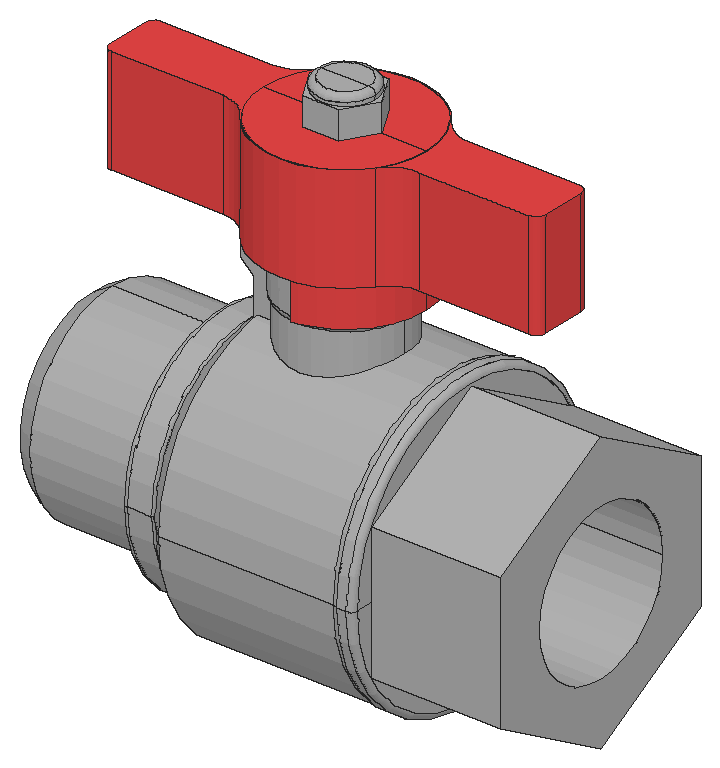
Revit family "QA05600000", category Apparecchi idraulici, Revit 2016
Family settings
  Tipo di parte = Normale
  Quota connettore circolare = Usa diametro
  Numero OmniClass = 23.45.00.00
  Titolo OmniClass = Sanitary, Laundry, and Cleaning Equipment
  Basato su piano di lavoro = No
  Sempre verticale = Sì
  Taglio con vuoti quando caricato = No
  Condiviso = No
  Punto di calcolo locali = No
Parameters
  URL = "https://web.cimberio.it/index.php/figura/304?subcategoria_id=42417"
  DN Model [instance] = QA05601025 : QA05601025
  DN [instance] = 25 mm
Reference planes
  plane 1 "Centro (Fronte/Retro)": y = 0
  plane 2: z = 0
  plane 3 "Centro (Sinistra/Destra)": x = 0
Dimensions and locks
  aligned and locked: level to plane 2
Nested families
  nested 1: "QA05601025" at (0, 0, 0), type <- "DN Model", type "QA05601025"
  nested 2: "QA05601025" at (0, 0, 0), type <- "DN Model", type "QA05601025"
  nested 3: "QA05601025" at (0, 0, 0), type <- "DN Model", type "QA05601025"
  nested 4: "QA05601025" at (0, 0, 0), type <- "DN Model", type "QA05601025"
  nested 5: "QA05601025" at (0, 0, 0), type <- "DN Model", type "QA05601025"
  nested 6: "QA05601025" at (0, 0, 0), type <- "DN Model", type "QA05601025"
  nested 7: "QA05601025" at (0, 0, 0), type <- "DN Model", type "QA05601025"
  nested 8: "QA05601025" at (0, 0, 0), type <- "DN Model", type "QA05601025"
Connectors
  piping at (41, 0, 0), diameter 25, driven by "DN"
    settings: on nested 1, index 1, connector inside diameter 609.6 mm, connector length 0 mm, flow factor 0, pipe flow 0.0 L/s, pressure drop 0.0 Pa, fitting loss kfactor 0, connector angle 0.00°, fixture units 0, engagement length 0 mm, angle of deflection 0.00°, flow configuration 0, flow direction 0, fitting loss method 0, system type 7, joint type 0, gender type 0, connector reference index -1, connector utility 0, adjustable connector no, is connector primary yes, connector description ""
  piping at (-40.5, 0, 0), diameter 25, driven by "DN"
    settings: on nested 1, index 2, connector inside diameter 609.6 mm, connector length 0 mm, flow factor 0, pipe flow 0.0 L/s, pressure drop 0.0 Pa, fitting loss kfactor 0, connector angle 0.00°, fixture units 0, engagement length 0 mm, angle of deflection 0.00°, flow configuration 0, flow direction 0, fitting loss method 0, system type 7, joint type 0, gender type 0, connector reference index -1, connector utility 0, adjustable connector no, is connector primary no, connector description ""
Definition of nested family "QA05601025"
  Reference planes
    plane 1 "Centro (Fronte/Retro)": y = 0
    plane 2: z = 0
    plane 3 "Centro (Sinistra/Destra)": x = 0
  Forms (mm)
    Revolve 1, solid
      sketch origin (0, 0, 0) x (0, 1, 0) y (-1, 0, 0)
        loop
          line (12.5, 20) -> (12.5, -20.1) -> (22.75, -20.1)
          arc (22.75, -20.1) -> (23.457, -19.807) -> (23.75, -19.1) r 1
          line (23.75, -19.1) -> (23.75, -17.6) -> (23.5, -16.667) -> (23.5, 11.25) -> (20.334, 14.416)
          arc (20.334, 14.416) -> (20.087, 14.786) -> (20, 15.222) r 1.139
          line (20, 15.222) -> (20, 18.999)
          arc (20, 18.999) -> (19.707, 19.707) -> (18.999, 20) r 1.001
          line (18.999, 20) -> (12.5, 20)
        axis (0, 20) -> (0, -20.1)
      angle from 0 to 360
    Revolve 2, solid
      sketch origin (0, 0, 0) x (1, 0, 0) y (0, 0, 1)
        loop
          line (0, 53.8) -> (-13.1, 53.8) -> (-13.1, 30.847) -> (-9.6, 30.847) -> (-9.6, 45.453) -> (0, 45.453) -> (0, 53.8)
        axis (0, 30.847) -> (0, 53.8)
      angle from 0 to 360
    Extrusion 3, void
      sketch origin (0, 0, 58.3) x (-1, 0, 0) y (0, 1, 0)
        loop
          line (17.996, 0) -> (6.069, 0)
          arc (6.069, 0) -> (3.81, -6.082) -> (-1.6, -9.664) r 10.467
          line (-1.6, -9.664) -> (-1.6, -18.578)
          arc (-1.6, -18.578) -> (15.234, -16.711) -> (17.996, 0) r 14.025
      from 17.5 to 31.018
    Revolve 4, solid
      sketch origin (0, 0, 0) x (1, 0, 0) y (0, 0, 1)
        loop
          line (-10.178, 42.039) -> (-9.887, 29.366)
          arc (-9.887, 29.366) -> (-9.746, 28.868) -> (-9.381, 28.5) r 1.035
          line (-9.381, 28.5) -> (-9.381, 21.347) -> (0.059, 21.347) -> (0.059, 42.039) -> (-10.178, 42.039)
        axis (0.059, 42.039) -> (0.059, 21.347)
      angle from 0 to 360
    Revolve 5, solid
      sketch origin (11.9, 0, 0) x (-1, 0, 0) y (0, 0, -1)
        loop
          line (31.9, -12.5) -> (31.9, -16.575) -> (49.307, -16.575) -> (52.4, -14.727) -> (52.4, -12.5) -> (31.9, -12.5)
        axis (52.4, 0) -> (31.9, 0)
      angle from 0 to 360
    Extrusion 6, solid
      sketch origin (0, 0, 0) x (1, 0, 0) y (0, 0, 1)
        loop
          line (-8.817, 34.3) -> (-14, 34.3) -> (-14, 30.5) -> (-12, 28.5) -> (-12, 21.49) -> (-8.817, 21.49) -> (-8.817, 34.3)
      from 0 to 3.5
    Extrusion 7, solid
      sketch origin (0, 0, 58.3) x (0, 1, 0) y (-1, 0, 0)
        loop
          arc (5, 33.5) -> (4.561, 34.561) -> (3.5, 35) r 1.5
          line (3.5, 35) -> (-3.5, 35)
          arc (-3.5, 35) -> (-4.561, 34.561) -> (-5, 33.5) r 1.5
          line (-5, 33.5) -> (-5, 15.798)
          arc (-5, 15.798) -> (-5.682, 13.02) -> (-7.571, 10.874) r 6
          arc (-7.571, 10.874) -> (-13.25, 0) -> (-7.571, -10.874) r 13.25
          arc (-7.571, -10.874) -> (-5.682, -13.02) -> (-5, -15.798) r 6
          line (-5, -15.798) -> (-5, -33.5)
          arc (-5, -33.5) -> (-4.561, -34.561) -> (-3.5, -35) r 1.5
          line (-3.5, -35) -> (3.5, -35)
          arc (3.5, -35) -> (4.561, -34.561) -> (5, -33.5) r 1.5
          line (5, -33.5) -> (5, -15.798)
          arc (5, -15.798) -> (5.682, -13.02) -> (7.571, -10.874) r 6
          arc (7.571, -10.874) -> (13.25, 0) -> (7.571, 10.874) r 13.25
          arc (7.571, 10.874) -> (5.682, 13.02) -> (5, 15.798) r 6
          line (5, 15.798) -> (5, 33.5)
        loop
          line (0, 5.775) -> (-5.001, 2.888) -> (-5.001, -2.888) -> (0, -5.775) -> (5.001, -2.888) -> (5.001, 2.888) -> (0, 5.775)
      from -21.5 to -4.5
    Extrusion 8, solid
      sketch origin (0, 0, 58.3) x (0, 1, 0) y (-1, 0, 0)
        loop
          line (5.001, 2.888) -> (0, 5.775) -> (-5.001, 2.888) -> (-5.001, -2.888) -> (0, -5.775) -> (5.001, -2.888) -> (5.001, 2.888)
      from -4.5 to 0
    Revolve 9, solid
      sketch origin (0, 0, 0) x (1, 0, 0) y (0, 0, 1)
        loop
          line (0, 59.8) -> (0, 57.752) -> (4.75, 57.752) -> (4.75, 58.8)
          arc (4.75, 58.8) -> (4.457, 59.507) -> (3.751, 59.8) r 1
          line (3.751, 59.8) -> (0, 59.8)
        axis (0, 59.8) -> (0, 57.752)
      angle from 0 to 360
    Extrusion 10, solid
      sketch origin (0, 0, 0) x (0, 1, 0) y (0, 0, 1)
        loop
          circle (0, 0) r 12.5
        loop
          line (0, 22.4) -> (-20, 10.853) -> (-20, -10.853) -> (0, -22.4) -> (20, -10.853) -> (20, 10.853) -> (0, 22.4)
      from 20.1 to 41
  Cuts and joins
    Extrusion 3 cuts Revolve 2
  Dimensions and locks
    aligned and locked: level to plane 2
